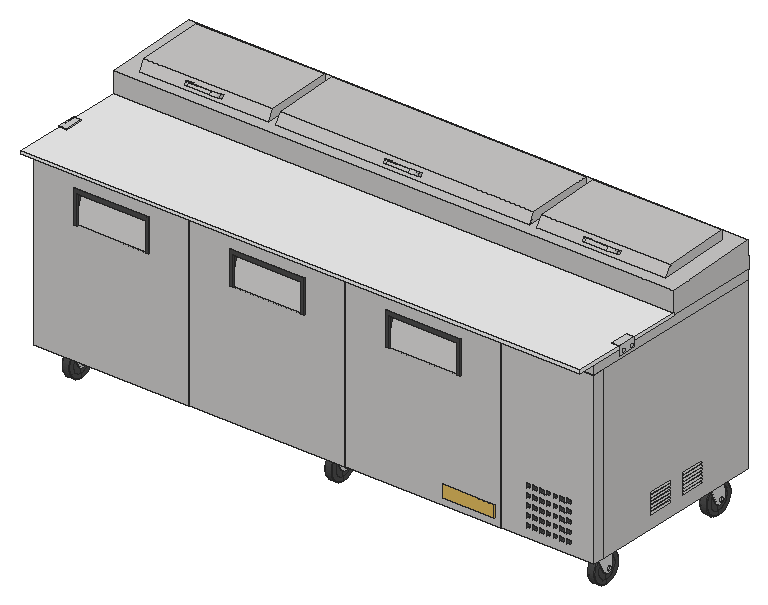
Revit family
Parameters
  Weight = "570 lbs."
  Watts = FL Amps * Volts  # 1115.5 W
  Volts = 115 V
  URL Manufacturer = "www.truemfg.com"
  URL Cutsheet = "www.truemfg.com"
  URL = "www.truemfg.com"
  Type Mark [instance] = ""
  Status [instance] = ""
  Specification by User [instance] = ""
  Specification by Manufacturer = ""
  Show Seismic Flanged [instance] = no
  Show Logo [instance] = yes
  Show Legs [instance] = no
  Show Clearance [instance] = yes
  Show Casters [instance] = and(not(Show Legs), not(Show Seismic Flanged))  # yes
  Serial Number = ""
  Seismic Rating = ""
  Seismic Plate [instance] = and(Show Seismic Flanged, not(Show Casters))  # no
  SMACNA No = ""
  Revision Code [instance] = ""
  Phase = 1
  Omniclass Number and Title = ""
  Number of Poles [instance] = 1
  NAFEM Spec ID Number = ""
  Model = "TPP-93"
  Min Ckt Ampacity = 0 A
  Max Overcurrent Protection = 0 A
  MasterSpec. = ""
  Manufacturer = "TRUE FOOD SERVICE EQUIPMENT, INC."
  Legs [instance] = or(Show Legs, Show Seismic Flanged)  # no
  Item Number [instance] = ""
  Installed By [instance] = ""
  Identify Quantity as Lot [instance] = yes
  HP = "1/2"
  Furnished By [instance] = ""
  Foodservice Equipment Identifier [instance] = yes
  FL Amps = 9.7 A
  Electrical Remarks [instance] = "230-240/50/1"
  Electric Connection Type [instance] = ""
  Elec Conn RI Height [instance] = 0"
  Elec Conn Connection Height [instance] = 0"
  Description = "Food Prep Table Solid Door Pizza Prep Table"
  Cycle = 60 Hz
  Conn Plug NEMA = "NEMA 5-15P"
  Conn Conduit = yes
  CSI MasterFormat = ""
  CSI Master Format = ""
  Body Finish = QF_Finishes_Stainless Steel
  Base Height [instance] = if(Legs, 6", 6 3/16")  # 6 3/16"
  Apparent Power = if(Phase = 3, Volts * FL Amps * 1.73, Volts * FL Amps)  # 1115.5 VA
Reference planes (in)
  plane 1 "BACK": y = -16.5
  plane 2: z = 0
  plane 3 "LEFT": x = 0
  plane 4 "RIGHT": x = 93.25
  plane 5 "FRONT": y = -49.75
  plane 6 "TOP": z = 35.9375
  plane 7: z = 6.1875
Forms (in)
  Revolve 1, solid, material "QF_Finishes_Stainless Steel" <- "Body Finish", visible <- "Legs"
    sketch origin (0.84375, -20.82507, 0) x (1, 0, 0) y (0, 0, -1)
      loop
        line (2, -6.1875) -> (2, -0.1875) -> (1.5, -0.1875) -> (1.5, -1.1875) -> (1.25, -1.1875) -> (0.53856, -6.1875) -> (2, -6.1875)
      axis (2, -0.1875) -> (2, -6.1875)
    angle from 0 to 360
  Extrusion 2, solid, material "QF_Finishes_Stainless Steel" <- "Body Finish", visible <- "Seismic Plate"
    sketch origin (-0.22541, -19.13091, 0) x (1, 0, 0) y (0, 1, 0)
      loop
        circle (3.06916, -1.69416) r 1.5
    from 0 to 0.25
  Revolve 3, solid, material "QF_Finishes_Stainless Steel" <- "Body Finish", visible <- "Legs"
    sketch origin (0.84375, -44.21923, 0) x (1, 0, 0) y (0, 0, -1)
      loop
        line (2, -6.1875) -> (2, -0.1875) -> (1.5, -0.1875) -> (1.5, -1.1875) -> (1.25, -1.1875) -> (0.53856, -6.1875) -> (2, -6.1875)
      axis (2, -0.1875) -> (2, -6.1875)
    angle from 0 to 360
  Extrusion 4, solid, material "QF_Finishes_Stainless Steel" <- "Body Finish", visible <- "Seismic Plate"
    sketch origin (-0.22541, -44.36883, 0) x (1, 0, 0) y (0, 1, 0)
      loop
        circle (3.06916, 0.11835) r 1.5
    from 0 to 0.25
  Revolve 5, solid, material "QF_Finishes_Stainless Steel" <- "Body Finish", visible <- "Legs"
    sketch origin (88.40625, -20.82507, 0) x (1, 0, 0) y (0, 0, -1)
      loop
        line (2, -6.1875) -> (2, -0.1875) -> (1.5, -0.1875) -> (1.5, -1.1875) -> (1.25, -1.1875) -> (0.53856, -6.1875) -> (2, -6.1875)
      axis (2, -0.1875) -> (2, -6.1875)
    angle from 0 to 360
  Extrusion 6, solid, material "QF_Finishes_Stainless Steel" <- "Body Finish", visible <- "Seismic Plate"
    sketch origin (87.33709, -19.13091, 0) x (1, 0, 0) y (0, 1, 0)
      loop
        circle (3.06916, -1.69416) r 1.5
    from 0 to 0.25
  Revolve 7, solid, material "QF_Finishes_Stainless Steel" <- "Body Finish", visible <- "Legs"
    sketch origin (88.40625, -44.21923, 0) x (1, 0, 0) y (0, 0, -1)
      loop
        line (2, -6.1875) -> (2, -0.1875) -> (1.5, -0.1875) -> (1.5, -1.1875) -> (1.25, -1.1875) -> (0.53856, -6.1875) -> (2, -6.1875)
      axis (2, -0.1875) -> (2, -6.1875)
    angle from 0 to 360
  Extrusion 8, solid, material "QF_Finishes_Stainless Steel" <- "Body Finish", visible <- "Seismic Plate"
    sketch origin (87.33709, -44.36883, 0) x (1, 0, 0) y (0, 1, 0)
      loop
        circle (3.06916, 0.11835) r 1.5
    from 0 to 0.25
  Revolve 9, solid, material "QF_Finishes_Stainless Steel" <- "Body Finish", visible <- "Legs"
    sketch origin (44.625, -20.82507, 0) x (1, 0, 0) y (0, 0, -1)
      loop
        line (2, -6.1875) -> (2, -0.1875) -> (1.5, -0.1875) -> (1.5, -1.1875) -> (1.25, -1.1875) -> (0.53856, -6.1875) -> (2, -6.1875)
      axis (2, -0.1875) -> (2, -6.1875)
    angle from 0 to 360
  Extrusion 10, solid, material "QF_Finishes_Stainless Steel" <- "Body Finish", visible <- "Seismic Plate"
    sketch origin (43.55584, -19.13091, 0) x (1, 0, 0) y (0, 1, 0)
      loop
        circle (3.06916, -1.69416) r 1.5
    from 0 to 0.25
  Revolve 11, solid, material "QF_Finishes_Stainless Steel" <- "Body Finish", visible <- "Legs"
    sketch origin (44.625, -44.21923, 0) x (1, 0, 0) y (0, 0, -1)
      loop
        line (2, -6.1875) -> (2, -0.1875) -> (1.5, -0.1875) -> (1.5, -1.1875) -> (1.25, -1.1875) -> (0.53856, -6.1875) -> (2, -6.1875)
      axis (2, -0.1875) -> (2, -6.1875)
    angle from 0 to 360
  Extrusion 12, solid, material "QF_Finishes_Stainless Steel" <- "Body Finish", visible <- "Seismic Plate"
    sketch origin (43.55584, -44.36883, 0) x (1, 0, 0) y (0, 1, 0)
      loop
        circle (3.06916, 0.11835) r 1.5
    from 0 to 0.25
Lines and regions (in)
  symbolic lines, style "SpecialityEquipmentHiddenLines", visible <- "Show Casters"
    curve 1: line (1.05276, -22.68104, 0) -> (2.13882, -23.30808, 0)
    curve 2: line (3.55276, -18.35092, 0) -> (1.05276, -22.68104, 0)
    curve 3: line (4.63882, -18.97795, 0) -> (3.55276, -18.35092, 0)
    curve 4: line (2.13882, -23.30808, 0) -> (4.63882, -18.97795, 0)
    curve 5: line (44.83401, -22.68104, 0) -> (45.92007, -23.30808, 0)
    curve 6: line (47.33401, -18.35092, 0) -> (44.83401, -22.68104, 0)
    curve 7: line (48.42007, -18.97795, 0) -> (47.33401, -18.35092, 0)
    curve 8: line (45.92007, -23.30808, 0) -> (48.42007, -18.97795, 0)
    curve 9: line (88.61526, -22.68104, 0) -> (89.70132, -23.30808, 0)
    curve 10: line (91.11526, -18.35092, 0) -> (88.61526, -22.68104, 0)
    curve 11: line (92.20132, -18.97795, 0) -> (91.11526, -18.35092, 0)
    curve 12: line (89.70132, -23.30808, 0) -> (92.20132, -18.97795, 0)
    curve 13: line (1.05276, -46.13771, 0) -> (2.13882, -46.76475, 0)
    curve 14: line (3.55276, -41.80758, 0) -> (1.05276, -46.13771, 0)
    curve 15: line (4.63882, -42.43462, 0) -> (3.55276, -41.80758, 0)
    curve 16: line (2.13882, -46.76475, 0) -> (4.63882, -42.43462, 0)
    curve 17: line (44.83401, -46.13771, 0) -> (45.92007, -46.76475, 0)
    curve 18: line (47.33401, -41.80758, 0) -> (44.83401, -46.13771, 0)
    curve 19: line (48.42007, -42.43462, 0) -> (47.33401, -41.80758, 0)
    curve 20: line (45.92007, -46.76475, 0) -> (48.42007, -42.43462, 0)
    curve 21: line (88.61526, -46.13771, 0) -> (89.70132, -46.76475, 0)
    curve 22: line (91.11526, -41.80758, 0) -> (88.61526, -46.13771, 0)
    curve 23: line (92.20132, -42.43462, 0) -> (91.11526, -41.80758, 0)
    curve 24: line (89.70132, -46.76475, 0) -> (92.20132, -42.43462, 0)
Dimensions and locks (in)
  plane 5 "FRONT" to plane 1 "BACK" = 33 1/4"
  "Base Height": plane 7 to level
  Revolve 3 sketch curve to Revolve 3 sketch curve to Revolve 3 sketch curve = 5" locked, 1" locked
  Revolve 1 sketch curve to Revolve 1 sketch curve to Revolve 1 sketch curve = 5" locked, 1" locked
  Revolve 7 sketch curve to Revolve 7 sketch curve to Revolve 7 sketch curve = 5" locked, 1" locked
  Revolve 5 sketch curve to Revolve 5 sketch curve to Revolve 5 sketch curve = 5" locked, 1" locked
  Revolve 11 sketch curve to Revolve 11 sketch curve to Revolve 11 sketch curve = 5" locked, 1" locked
  Revolve 9 sketch curve to Revolve 9 sketch curve to Revolve 9 sketch curve = 5" locked, 1" locked
  plane 4 "RIGHT" to plane 3 "LEFT" = 93 1/4"
  nested 1 to plane 1 "BACK" = 36 5/32"  (x2)
  plane 5 "FRONT" to nested 1 to nested 1 = 32 1/4", 1"
  plane 6 "TOP" to level = 35 15/16"
  nested 1 to level = 41 7/8"
  plane 7 to nested 1 = 2 5/8"
  aligned and locked: level to plane 2
  aligned and locked: Revolve 3 sketch curve to plane 7
  aligned and locked: Revolve 1 sketch curve to plane 7
  aligned and locked: plane 1 "BACK" to nested 1
  aligned and locked: plane 3 "LEFT" to nested 1
  aligned and locked: plane 4 "RIGHT" to nested 1
  aligned and locked: nested 1 to plane 7
Automatic sketch dimensions
  plane 3 "LEFT" to Revolve 1 sketch curve = 1.38231"
  plane 3 "LEFT" to Revolve 1 sketch curve = 2 3/32"
  Revolve 1 sketch curve to Revolve 1 sketch curve = 1/4"
  Revolve 1 sketch curve to Revolve 1 sketch curve = 1/2"
  Revolve 1 sketch curve to Revolve 1 sketch curve = 0"
  Revolve 1 sketch curve to Revolve 1 sketch curve = 23/32"
  Revolve 1 sketch curve to plane 7 = 1 1/2"
  plane 3 "LEFT" to Extrusion 2 sketch curve = 2 27/32"
  plane 1 "BACK" to Extrusion 2 sketch curve = 4.32507"
  plane 3 "LEFT" to Revolve 3 sketch curve = 1.38231"
  plane 3 "LEFT" to Revolve 3 sketch curve = 2 3/32"
  Revolve 3 sketch curve to Revolve 3 sketch curve = 1/4"
  Revolve 3 sketch curve to Revolve 3 sketch curve = 1/2"
  Revolve 3 sketch curve to Revolve 3 sketch curve = 0"
  Revolve 3 sketch curve to Revolve 3 sketch curve = 23/32"
  Revolve 3 sketch curve to plane 7 = 1 1/2"
  plane 3 "LEFT" to Extrusion 4 sketch curve = 2 27/32"
  Extrusion 4 sketch curve to plane 5 "FRONT" = 5.49952"
  Revolve 5 sketch curve to plane 7 = 0"
  Revolve 5 sketch curve to plane 4 "RIGHT" = 4.30519"
  Revolve 5 sketch curve to plane 4 "RIGHT" = 3 19/32"
  Revolve 5 sketch curve to Revolve 5 sketch curve = 1/4"
  Revolve 5 sketch curve to Revolve 5 sketch curve = 1/2"
  Revolve 5 sketch curve to Revolve 5 sketch curve = 0"
  Revolve 5 sketch curve to Revolve 5 sketch curve = 23/32"
  Revolve 5 sketch curve to plane 7 = 1 1/2"
  Extrusion 6 sketch curve to plane 4 "RIGHT" = 2 27/32"
  plane 1 "BACK" to Extrusion 6 sketch curve = 4.32507"
  Revolve 7 sketch curve to plane 7 = 0"
  Revolve 7 sketch curve to plane 4 "RIGHT" = 4.30519"
  Revolve 7 sketch curve to plane 4 "RIGHT" = 3 19/32"
  Revolve 7 sketch curve to Revolve 7 sketch curve = 1/4"
  Revolve 7 sketch curve to Revolve 7 sketch curve = 1/2"
  Revolve 7 sketch curve to Revolve 7 sketch curve = 0"
  Revolve 7 sketch curve to Revolve 7 sketch curve = 23/32"
  Revolve 7 sketch curve to plane 7 = 1 1/2"
  Extrusion 8 sketch curve to plane 4 "RIGHT" = 2 27/32"
  Extrusion 8 sketch curve to plane 5 "FRONT" = 5.49952"
  Revolve 9 sketch curve to plane 7 = 0"
  plane 3 "LEFT" to Revolve 9 sketch curve = 45.16356"
  Revolve 9 sketch curve to Revolve 9 sketch curve = 0.71144"
  Revolve 9 sketch curve to Revolve 9 sketch curve = 1/4"
  Revolve 9 sketch curve to Revolve 9 sketch curve = 1/2"
  Revolve 9 sketch curve to Revolve 9 sketch curve = 0"
  Revolve 9 sketch curve to Revolve 9 sketch curve = 23/32"
  Revolve 9 sketch curve to plane 7 = 1 1/2"
  plane 1 "BACK" to Extrusion 10 sketch curve = 4.32507"
  plane 3 "LEFT" to Extrusion 10 sketch curve = 46 5/8"
  Revolve 11 sketch curve to plane 7 = 0"
  plane 3 "LEFT" to Revolve 11 sketch curve = 45.16356"
  Revolve 11 sketch curve to Revolve 11 sketch curve = 0.71144"
  Revolve 11 sketch curve to Revolve 11 sketch curve = 1/4"
  Revolve 11 sketch curve to Revolve 11 sketch curve = 1/2"
  Revolve 11 sketch curve to Revolve 11 sketch curve = 0"
  Revolve 11 sketch curve to Revolve 11 sketch curve = 23/32"
  Revolve 11 sketch curve to plane 7 = 1 1/2"
  Extrusion 12 sketch curve to plane 5 "FRONT" = 5.49952"
  plane 3 "LEFT" to Extrusion 12 sketch curve = 46 5/8"
  plane 3 "LEFT" to curve 1 = 1.05276"
  plane 3 "LEFT" to curve 14 = 1.05276"
  curve 1 to curve 4 = 1.08606"
  curve 13 to curve 13 = 1.08606"
  plane 3 "LEFT" to curve 14 = 3.55276"
  plane 3 "LEFT" to curve 2 = 3.55276"
  plane 1 "BACK" to curve 5 = 6.18104"
  curve 17 to plane 5 "FRONT" = 3.61229"
  curve 17 to plane 5 "FRONT" = 2.98525"
  curve 17 to curve 17 = 1.08606"
  plane 1 "BACK" to curve 8 = 6.80808"
  curve 5 to curve 8 = 1.08606"
  curve 18 to plane 5 "FRONT" = 7.94242"
  plane 1 "BACK" to curve 7 = 1.85092"
  curve 9 to plane 4 "RIGHT" = 4.63474"
  curve 22 to plane 4 "RIGHT" = 4.63474"
  curve 21 to curve 21 = 1.08606"
  curve 9 to curve 9 = 1.08606"
  curve 23 to plane 4 "RIGHT" = 2.13474"
  curve 10 to plane 4 "RIGHT" = 2.13474"
  curve 13 to plane 5 "FRONT" = 2.98525"
  curve 24 to plane 5 "FRONT" = 2.98525"
  curve 21 to curve 21 = 0.62704"
  curve 13 to curve 13 = 0.62704"
  plane 1 "BACK" to curve 4 = 6.80808"
  plane 1 "BACK" to curve 12 = 6.80808"
  curve 9 to curve 9 = 0.62704"
  curve 1 to curve 2 = 0.62704"
  curve 15 to curve 17 = 40.19519"
  curve 5 to curve 18 = 2 1/2"
  radius of Extrusion 2 sketch curve = 1 1/2"
  radius of Extrusion 4 sketch curve = 1 1/2"
  radius of Extrusion 6 sketch curve = 1 1/2"
  radius of Extrusion 8 sketch curve = 1 1/2"
  radius of Extrusion 10 sketch curve = 1 1/2"
  radius of Extrusion 12 sketch curve = 1 1/2"
Nested families (in)
  nested 1: "True_TPP-93" at (0, 0, 0), Show Logo <- "Show Logo", Show Clearance <- "Show Clearance", Show Casters <- "Show Casters", type "True_TPP-93"
    with Show Logo yes, Show Clearance yes, Show Casters yes
Connectors (in)
  electrical at (89.81571, -17.5625, 12), driven by "Volts", driven by "Watts"
    settings: on nested 1, index 1, voltage 115 V, apparent load 1115.5 VA, apparent load phase1 0 VA, apparent load phase2 0 VA, apparent load phase3 0 VA, power factor 1, load classification "Other", number of poles 1, system type 30, power factor state 1, is connector primary yes, connector utility no, sub classification motor no, connector description "Electrical Connection"
Definition of nested family "True_TPP-93"
  Parameters (values of type "True_TPP-93")
    URL = ""
    Show Logo [instance] = yes
    Show Clearance [instance] = yes
    Show Casters [instance] = yes
    Model = ""
    Manufacturer = ""
    Description = ""
    Assembly Code = ""
  Reference planes (in)
    plane 1 "BACK": y = -16.5
    plane 2: z = 0
    plane 3 "LEFT": x = 0
    plane 4 "RIGHT": x = 93.25
    plane 5 "FRONT": y = -49.75
    plane 6 "TOP": z = 35.9375
  Forms (in)
    Extrusion 1, solid, material "QF_Finishes_Stainless Steel"
      sketch origin (0, -1, 0) x (0, 1, 0) y (0, 0, 1)
        loop
          line (-48.75, 35.9375) -> (-48.75, 34.5) -> (-16.5, 34.5) -> (-16.5, 35.9375) -> (-48.75, 35.9375)
      from 0 to 93.25
    Extrusion 2, solid, material "QF_Finishes_Stainless Steel"
      sketch origin (0, -1, 0) x (0, 1, 0) y (0, 0, 1)
        loop
          line (-46.8125, 34.5) -> (-46.8125, 6.1875) -> (-16.5, 6.1875) -> (-16.5, 34.5) -> (-46.8125, 34.5)
      from 0 to 93.25
    Extrusion 3, solid, material "QF_Finishes_Black"
      sketch origin (0, -16.6925, 0) x (1, 0, 0) y (0, 0, 1)
        loop
          line (25.75, 6.1875) -> (25.75, 34.28323) -> (0, 34.28323) -> (0, 6.1875) -> (25.75, 6.1875)
        loop
          line (6.75, 26.5625) -> (19.125, 26.5625) -> (19.125, 32.0625) -> (6.75, 32.0625) -> (6.75, 26.5625)
        loop
          line (93.25, 6.1875) -> (93.25, 34.28323) -> (77.9375, 34.28323) -> (77.9375, 6.1875) -> (93.25, 6.1875)
        loop
          line (85.44909, 13.72725) -> (86.19909, 13.72725) -> (86.19909, 14.47725) -> (85.44909, 14.47725) -> (85.44909, 13.72725)
        loop
          line (85.44909, 12.22725) -> (86.19909, 12.22725) -> (86.19909, 12.97725) -> (85.44909, 12.97725) -> (85.44909, 12.22725)
        loop
          line (85.44909, 10.72725) -> (86.19909, 10.72725) -> (86.19909, 11.47725) -> (85.44909, 11.47725) -> (85.44909, 10.72725)
        loop
          line (85.44909, 9.22725) -> (86.19909, 9.22725) -> (86.19909, 9.97725) -> (85.44909, 9.97725) -> (85.44909, 9.22725)
        loop
          line (85.44909, 7.72725) -> (86.19909, 7.72725) -> (86.19909, 8.47725) -> (85.44909, 8.47725) -> (85.44909, 7.72725)
        loop
          line (86.57409, 13.72725) -> (87.32409, 13.72725) -> (87.32409, 14.47725) -> (86.57409, 14.47725) -> (86.57409, 13.72725)
        loop
          line (86.57409, 12.22725) -> (87.32409, 12.22725) -> (87.32409, 12.97725) -> (86.57409, 12.97725) -> (86.57409, 12.22725)
        loop
          line (86.57409, 10.72725) -> (87.32409, 10.72725) -> (87.32409, 11.47725) -> (86.57409, 11.47725) -> (86.57409, 10.72725)
        loop
          line (86.57409, 9.22725) -> (87.32409, 9.22725) -> (87.32409, 9.97725) -> (86.57409, 9.97725) -> (86.57409, 9.22725)
        loop
          line (86.57409, 7.72725) -> (87.32409, 7.72725) -> (87.32409, 8.47725) -> (86.57409, 8.47725) -> (86.57409, 7.72725)
        loop
          line (87.69909, 13.72725) -> (88.44909, 13.72725) -> (88.44909, 14.47725) -> (87.69909, 14.47725) -> (87.69909, 13.72725)
        loop
          line (87.69909, 12.22725) -> (88.44909, 12.22725) -> (88.44909, 12.97725) -> (87.69909, 12.97725) -> (87.69909, 12.22725)
        loop
          line (87.69909, 10.72725) -> (88.44909, 10.72725) -> (88.44909, 11.47725) -> (87.69909, 11.47725) -> (87.69909, 10.72725)
        loop
          line (87.69909, 9.22725) -> (88.44909, 9.22725) -> (88.44909, 9.97725) -> (87.69909, 9.97725) -> (87.69909, 9.22725)
        loop
          line (87.69909, 7.72725) -> (88.44909, 7.72725) -> (88.44909, 8.47725) -> (87.69909, 8.47725) -> (87.69909, 7.72725)
        loop
          line (88.82409, 13.72725) -> (89.57409, 13.72725) -> (89.57409, 14.47725) -> (88.82409, 14.47725) -> (88.82409, 13.72725)
        loop
          line (88.82409, 12.22725) -> (89.57409, 12.22725) -> (89.57409, 12.97725) -> (88.82409, 12.97725) -> (88.82409, 12.22725)
        loop
          line (88.82409, 10.72725) -> (89.57409, 10.72725) -> (89.57409, 11.47725) -> (88.82409, 11.47725) -> (88.82409, 10.72725)
        loop
          line (88.82409, 9.22725) -> (89.57409, 9.22725) -> (89.57409, 9.97725) -> (88.82409, 9.97725) -> (88.82409, 9.22725)
        loop
          line (88.82409, 7.72725) -> (89.57409, 7.72725) -> (89.57409, 8.47725) -> (88.82409, 8.47725) -> (88.82409, 7.72725)
        loop
          line (82.07409, 13.72725) -> (82.82409, 13.72725) -> (82.82409, 14.47725) -> (82.07409, 14.47725) -> (82.07409, 13.72725)
        loop
          line (82.07409, 12.22725) -> (82.82409, 12.22725) -> (82.82409, 12.97725) -> (82.07409, 12.97725) -> (82.07409, 12.22725)
        loop
          line (82.07409, 10.72725) -> (82.82409, 10.72725) -> (82.82409, 11.47725) -> (82.07409, 11.47725) -> (82.07409, 10.72725)
        loop
          line (82.07409, 9.22725) -> (82.82409, 9.22725) -> (82.82409, 9.97725) -> (82.07409, 9.97725) -> (82.07409, 9.22725)
        loop
          line (82.07409, 8.47725) -> (82.07409, 7.72725) -> (82.82409, 7.72725) -> (82.82409, 8.47725) -> (82.07409, 8.47725)
        loop
          line (83.19909, 13.72725) -> (83.94909, 13.72725) -> (83.94909, 14.47725) -> (83.19909, 14.47725) -> (83.19909, 13.72725)
        loop
          line (83.19909, 12.22725) -> (83.94909, 12.22725) -> (83.94909, 12.97725) -> (83.19909, 12.97725) -> (83.19909, 12.22725)
        loop
          line (83.19909, 10.72725) -> (83.94909, 10.72725) -> (83.94909, 11.47725) -> (83.19909, 11.47725) -> (83.19909, 10.72725)
        loop
          line (83.19909, 9.22725) -> (83.94909, 9.22725) -> (83.94909, 9.97725) -> (83.19909, 9.97725) -> (83.19909, 9.22725)
        loop
          line (83.19909, 8.47725) -> (83.19909, 7.72725) -> (83.94909, 7.72725) -> (83.94909, 8.47725) -> (83.19909, 8.47725)
        loop
          line (84.32409, 13.72725) -> (85.07409, 13.72725) -> (85.07409, 14.47725) -> (84.32409, 14.47725) -> (84.32409, 13.72725)
        loop
          line (84.32409, 12.22725) -> (85.07409, 12.22725) -> (85.07409, 12.97725) -> (84.32409, 12.97725) -> (84.32409, 12.22725)
        loop
          line (84.32409, 10.72725) -> (85.07409, 10.72725) -> (85.07409, 11.47725) -> (84.32409, 11.47725) -> (84.32409, 10.72725)
        loop
          line (84.32409, 9.22725) -> (85.07409, 9.22725) -> (85.07409, 9.97725) -> (84.32409, 9.97725) -> (84.32409, 9.22725)
        loop
          line (84.32409, 8.47725) -> (84.32409, 7.72725) -> (85.07409, 7.72725) -> (85.07409, 8.47725) -> (84.32409, 8.47725)
        loop
          line (51.75, 6.1875) -> (51.75, 34.28323) -> (26, 34.28323) -> (26, 6.1875) -> (51.75, 6.1875)
        loop
          line (32.75, 26.5625) -> (45.125, 26.5625) -> (45.125, 32.0625) -> (32.75, 32.0625) -> (32.75, 26.5625)
        loop
          line (52, 34.28323) -> (52, 6.1875) -> (77.75, 6.1875) -> (77.75, 34.28323) -> (52, 34.28323)
        loop
          line (58.75, 26.5625) -> (71.125, 26.5625) -> (71.125, 32.0625) -> (58.75, 32.0625) -> (58.75, 26.5625)
      from 31.12 to 33.0575
    Extrusion 4, solid, material "QF_Finishes_Stainless Steel"
      sketch origin (0.5625, -0.1925, 0) x (0, 1, 0) y (0, 0, 1)
        loop
          line (-47.94201, 32.0625) -> (-49.5, 26.5625) -> (-47.94201, 26.5625) -> (-47.94201, 32.0625)
      from 6.1875 to 18.5625
    Extrusion 5, solid, material "QF_Finishes_Black"
      sketch origin (0.5625, -49.755, 0) x (1, 0, 0) y (0, 0, 1)
        loop
          line (18.5625, 32.0625) -> (6.1875, 32.0625) -> (6.1875, 26.5625) -> (6.6875, 26.5625) -> (6.6875, 31.3125) -> (18.0625, 31.3125) -> (18.0625, 26.5625) -> (18.5625, 26.5625) -> (18.5625, 32.0625)
      from 0 to 0.125
    Extrusion 6, solid, material "QF_Finishes_Stainless Steel"
      sketch origin (64.6875, -16.5, 0) x (1, 0, 0) y (0, 0, 1)
        loop
          line (7.5625, 6.1875) -> (7.5625, 3.5625) -> (20.3125, 3.5625) -> (20.3125, 6.1875) -> (7.5625, 6.1875)
      from 1.69409 to 21.69409
    Extrusion 7, solid, material "QF_Finishes_Stainless Steel"
      sketch origin (64.57454, -16.5, -9.83802) x (1, 0, 0) y (0, 0, 1)
        loop
          circle (22.96499, 40.7598) r 0.46875
      from 0 to 1
    Extrusion 8, solid, material "QF_Finishes_Stainless Steel"
      sketch origin (28.67546, -16.5, -9.83802) x (-1, 0, 0) y (0, 0, -1)
        loop
          circle (22.96499, -40.7598) r 0.46875
      from 0 to 1
    Extrusion 9, solid, material "QF_Finishes_Stainless Steel"
      sketch origin (64.52196, -17.5, 0) x (1, 0, 0) y (0, 0, 1)
        loop
          circle (25.29375, 12) r 0.25
      from 0 to 0.0625
    Extrusion 10, solid, material "QF_Finishes_Handrails and Railings", visible <- "Show Casters"
      sketch origin (0.84375, -42.86469, 1.18891) x (0, 1, 0) y (0, 0, 1)
        loop
          line (-3.9827, 4.36074) -> (-3.9827, 3.75589) -> (-3.6077, 3.75589) -> (-2.25253, 1.15484)
          arc (-2.25253, 1.15484) -> (-1.35455, 0.51289) -> (-0.45657, 1.15484) r 0.94903
          line (-0.45657, 1.15484) -> (-0.54355, 4.36074) -> (-3.9827, 4.36074)
      from 1.175 to 1.325
    Revolve 11, solid, material "QF_Finishes_Chrome - Satin", visible <- "Show Casters"
      sketch origin (0.84375, -45.12781, 0.68891) x (1, 0, 0) y (0, 0, 1)
        loop
          line (2, 4.86074) -> (2, 5.49859) -> (0.60918, 5.49859) -> (0.60918, 4.86074) -> (2, 4.86074)
        axis (2, 4.86074) -> (2, 5.49859)
      angle from 0 to 360
    Extrusion 12, solid, material "QF_Finishes_Handrails and Railings", visible <- "Show Casters"
      sketch origin (-46.9375, -42.86469, 1.18891) x (0, 1, 0) y (0, 0, 1)
        loop
          line (-3.9827, 4.36074) -> (-3.9827, 3.75589) -> (-3.6077, 3.75589) -> (-0.53736, 4.13288) -> (-0.54355, 4.36074) -> (-3.9827, 4.36074)
      from 49.10625 to 50.45625
    Revolve 13, solid, material "QF_Finishes_Black", visible <- "Show Casters"
      sketch origin (0.84375, -44.21649, 1) x (1, 0, 0) y (0, 0, 1)
        loop
          line (1.475, 4) -> (1.375, 3.9) -> (1.375, 3.29941) -> (1.53601, 3.29941) -> (1.53601, 2.04941) -> (1.375, 2.04941) -> (1.375, 1.79941) -> (0.975, 1.79941) -> (0.975, 1.5) -> (3.025, 1.5) -> (3.025, 1.79941) -> (2.62908, 1.79941) -> (2.62908, 2.04941) -> (2.46399, 2.04941) -> (2.46399, 3.29941) -> (2.62908, 3.29941) -> (2.62908, 3.89592) -> (2.525, 4) -> (1.475, 4)
        axis (3.025, 1.5) -> (0.975, 1.5)
      angle from 0 to 360
    Extrusion 14, solid, material "QF_Finishes_Handrails and Railings", visible <- "Show Casters"
      sketch origin (4.84375, -42.86469, 1.18891) x (0, 1, 0) y (0, 0, -1)
        loop
          line (-3.9827, -3.75589) -> (-3.9827, -4.36074) -> (-0.54355, -4.36074) -> (-0.45657, -1.15484)
          arc (-0.45657, -1.15484) -> (-1.35455, -0.51289) -> (-2.25253, -1.15484) r 0.94903
          line (-2.25253, -1.15484) -> (-3.6077, -3.75589) -> (-3.9827, -3.75589)
      from 1.175 to 1.325
    Extrusion 15, solid, material "QF_Finishes_Handrails and Railings", visible <- "Show Casters"
      sketch origin (0.84375, -19.47769, 1.18891) x (0, 1, 0) y (0, 0, 1)
        loop
          line (-3.9827, 4.36074) -> (-3.9827, 3.75589) -> (-3.6077, 3.75589) -> (-2.25253, 1.15484)
          arc (-2.25253, 1.15484) -> (-1.35455, 0.51289) -> (-0.45657, 1.15484) r 0.94903
          line (-0.45657, 1.15484) -> (-0.54355, 4.36074) -> (-3.9827, 4.36074)
      from 1.175 to 1.325
    Revolve 16, solid, material "QF_Finishes_Chrome - Satin", visible <- "Show Casters"
      sketch origin (0.84375, -21.74082, 0.68891) x (1, 0, 0) y (0, 0, 1)
        loop
          line (2, 4.86074) -> (2, 5.49859) -> (0.60918, 5.49859) -> (0.60918, 4.86074) -> (2, 4.86074)
        axis (2, 4.86074) -> (2, 5.49859)
      angle from 0 to 360
    Extrusion 17, solid, material "QF_Finishes_Handrails and Railings", visible <- "Show Casters"
      sketch origin (-46.9375, -19.47769, 1.18891) x (0, 1, 0) y (0, 0, 1)
        loop
          line (-3.9827, 4.36074) -> (-3.9827, 3.75589) -> (-3.6077, 3.75589) -> (-0.53736, 4.13288) -> (-0.54355, 4.36074) -> (-3.9827, 4.36074)
      from 49.10625 to 50.45625
    Revolve 18, solid, material "QF_Finishes_Black", visible <- "Show Casters"
      sketch origin (0.84375, -20.8295, 1) x (1, 0, 0) y (0, 0, 1)
        loop
          line (1.475, 4) -> (1.375, 3.9) -> (1.375, 3.29941) -> (1.53601, 3.29941) -> (1.53601, 2.04941) -> (1.375, 2.04941) -> (1.375, 1.79941) -> (0.975, 1.79941) -> (0.975, 1.5) -> (3.025, 1.5) -> (3.025, 1.79941) -> (2.62908, 1.79941) -> (2.62908, 2.04941) -> (2.46399, 2.04941) -> (2.46399, 3.29941) -> (2.62908, 3.29941) -> (2.62908, 3.89592) -> (2.525, 4) -> (1.475, 4)
        axis (3.025, 1.5) -> (0.975, 1.5)
      angle from 0 to 360
    Extrusion 19, solid, material "QF_Finishes_Handrails and Railings", visible <- "Show Casters"
      sketch origin (4.84375, -19.47769, 1.18891) x (0, 1, 0) y (0, 0, -1)
        loop
          line (-3.9827, -3.75589) -> (-3.9827, -4.36074) -> (-0.54355, -4.36074) -> (-0.45657, -1.15484)
          arc (-0.45657, -1.15484) -> (-1.35455, -0.51289) -> (-2.25253, -1.15484) r 0.94903
          line (-2.25253, -1.15484) -> (-3.6077, -3.75589) -> (-3.9827, -3.75589)
      from 1.175 to 1.325
    Extrusion 20, solid, material "QF_Finishes_Handrails and Railings", visible <- "Show Casters"
      sketch origin (92.40625, -42.86469, 1.18891) x (0, 1, 0) y (0, 0, -1)
        loop
          line (-3.9827, -4.36074) -> (-0.54355, -4.36074) -> (-0.45657, -1.15484)
          arc (-0.45657, -1.15484) -> (-1.35455, -0.51289) -> (-2.25253, -1.15484) r 0.94903
          line (-2.25253, -1.15484) -> (-3.6077, -3.75589) -> (-3.9827, -3.75589) -> (-3.9827, -4.36074)
      from 1.175 to 1.325
    Revolve 21, solid, material "QF_Finishes_Chrome - Satin", visible <- "Show Casters"
      sketch origin (92.40625, -45.12781, 0.68891) x (-1, 0, 0) y (0, 0, -1)
        loop
          line (2, -4.86074) -> (0.60918, -4.86074) -> (0.60918, -5.49859) -> (2, -5.49859) -> (2, -4.86074)
        axis (2, -4.86074) -> (2, -5.49859)
      angle from 0 to 360
    Extrusion 22, solid, material "QF_Finishes_Handrails and Railings", visible <- "Show Casters"
      sketch origin (140.1875, -42.86469, 1.18891) x (0, 1, 0) y (0, 0, -1)
        loop
          line (-3.9827, -4.36074) -> (-0.54355, -4.36074) -> (-0.53736, -4.13288) -> (-3.6077, -3.75589) -> (-3.9827, -3.75589) -> (-3.9827, -4.36074)
      from 49.10625 to 50.45625
    Revolve 23, solid, material "QF_Finishes_Black", visible <- "Show Casters"
      sketch origin (92.40625, -44.21649, 1) x (-1, 0, 0) y (0, 0, -1)
        loop
          line (1.475, -4) -> (2.525, -4) -> (2.62908, -3.89592) -> (2.62908, -3.29941) -> (2.46399, -3.29941) -> (2.46399, -2.04941) -> (2.62908, -2.04941) -> (2.62908, -1.79941) -> (3.025, -1.79941) -> (3.025, -1.5) -> (0.975, -1.5) -> (0.975, -1.79941) -> (1.375, -1.79941) -> (1.375, -2.04941) -> (1.53601, -2.04941) -> (1.53601, -3.29941) -> (1.375, -3.29941) -> (1.375, -3.9) -> (1.475, -4)
        axis (3.025, -1.5) -> (0.975, -1.5)
      angle from 0 to 360
    Extrusion 24, solid, material "QF_Finishes_Handrails and Railings", visible <- "Show Casters"
      sketch origin (88.40625, -42.86469, 1.18891) x (0, 1, 0) y (0, 0, 1)
        loop
          line (-3.9827, 3.75589) -> (-3.6077, 3.75589) -> (-2.25253, 1.15484)
          arc (-2.25253, 1.15484) -> (-1.35455, 0.51289) -> (-0.45657, 1.15484) r 0.94903
          line (-0.45657, 1.15484) -> (-0.54355, 4.36074) -> (-3.9827, 4.36074) -> (-3.9827, 3.75589)
      from 1.175 to 1.325
    Extrusion 25, solid, material "QF_Finishes_Handrails and Railings", visible <- "Show Casters"
      sketch origin (92.40625, -19.47769, 1.18891) x (0, 1, 0) y (0, 0, -1)
        loop
          line (-3.9827, -4.36074) -> (-0.54355, -4.36074) -> (-0.45657, -1.15484)
          arc (-0.45657, -1.15484) -> (-1.35455, -0.51289) -> (-2.25253, -1.15484) r 0.94903
          line (-2.25253, -1.15484) -> (-3.6077, -3.75589) -> (-3.9827, -3.75589) -> (-3.9827, -4.36074)
      from 1.175 to 1.325
    Revolve 26, solid, material "QF_Finishes_Chrome - Satin", visible <- "Show Casters"
      sketch origin (92.40625, -21.74082, 0.68891) x (-1, 0, 0) y (0, 0, -1)
        loop
          line (2, -4.86074) -> (0.60918, -4.86074) -> (0.60918, -5.49859) -> (2, -5.49859) -> (2, -4.86074)
        axis (2, -4.86074) -> (2, -5.49859)
      angle from 0 to 360
    Extrusion 27, solid, material "QF_Finishes_Handrails and Railings", visible <- "Show Casters"
      sketch origin (140.1875, -19.47769, 1.18891) x (0, 1, 0) y (0, 0, -1)
        loop
          line (-3.9827, -4.36074) -> (-0.54355, -4.36074) -> (-0.53736, -4.13288) -> (-3.6077, -3.75589) -> (-3.9827, -3.75589) -> (-3.9827, -4.36074)
      from 49.10625 to 50.45625
    Revolve 28, solid, material "QF_Finishes_Black", visible <- "Show Casters"
      sketch origin (92.40625, -20.8295, 1) x (-1, 0, 0) y (0, 0, -1)
        loop
          line (1.475, -4) -> (2.525, -4) -> (2.62908, -3.89592) -> (2.62908, -3.29941) -> (2.46399, -3.29941) -> (2.46399, -2.04941) -> (2.62908, -2.04941) -> (2.62908, -1.79941) -> (3.025, -1.79941) -> (3.025, -1.5) -> (0.975, -1.5) -> (0.975, -1.79941) -> (1.375, -1.79941) -> (1.375, -2.04941) -> (1.53601, -2.04941) -> (1.53601, -3.29941) -> (1.375, -3.29941) -> (1.375, -3.9) -> (1.475, -4)
        axis (3.025, -1.5) -> (0.975, -1.5)
      angle from 0 to 360
    Extrusion 29, solid, material "QF_Finishes_Handrails and Railings", visible <- "Show Casters"
      sketch origin (88.40625, -19.47769, 1.18891) x (0, 1, 0) y (0, 0, 1)
        loop
          line (-3.9827, 3.75589) -> (-3.6077, 3.75589) -> (-2.25253, 1.15484)
          arc (-2.25253, 1.15484) -> (-1.35455, 0.51289) -> (-0.45657, 1.15484) r 0.94903
          line (-0.45657, 1.15484) -> (-0.54355, 4.36074) -> (-3.9827, 4.36074) -> (-3.9827, 3.75589)
      from 1.175 to 1.325
    Extrusion 30, solid, material "QF_Finishes_Stainless Steel"
      sketch origin (48.75, -33.9375, 0) x (1, 0, 0) y (0, 0, 1)
        loop
          line (44.5, 8.47725) -> (44.625, 8.47725) -> (44.5, 8.86197) -> (44.5, 8.47725)
        loop
          line (44.5, 8.97725) -> (44.625, 8.97725) -> (44.5, 9.36197) -> (44.5, 8.97725)
        loop
          line (44.5, 9.47725) -> (44.625, 9.47725) -> (44.5, 9.86197) -> (44.5, 9.47725)
        loop
          line (44.5, 9.97725) -> (44.625, 9.97725) -> (44.5, 10.36197) -> (44.5, 9.97725)
        loop
          line (44.5, 10.47725) -> (44.625, 10.47725) -> (44.5, 10.86197) -> (44.5, 10.47725)
        loop
          line (44.5, 10.97725) -> (44.625, 10.97725) -> (44.5, 11.36197) -> (44.5, 10.97725)
        loop
          line (44.5, 11.47725) -> (44.625, 11.47725) -> (44.5, 11.86197) -> (44.5, 11.47725)
      from 0 to 4
    Extrusion 31, solid, material "QF_Finishes_Stainless Steel"
      sketch origin (26.5625, -0.1925, 0) x (0, 1, 0) y (0, 0, 1)
        loop
          line (-47.94201, 32.0625) -> (-49.5, 26.5625) -> (-47.94201, 26.5625) -> (-47.94201, 32.0625)
      from 6.1875 to 18.5625
    Extrusion 32, solid, material "QF_Finishes_Black"
      sketch origin (26.5625, -49.755, 0) x (1, 0, 0) y (0, 0, 1)
        loop
          line (18.5625, 32.0625) -> (6.1875, 32.0625) -> (6.1875, 26.5625) -> (6.6875, 26.5625) -> (6.6875, 31.3125) -> (18.0625, 31.3125) -> (18.0625, 26.5625) -> (18.5625, 26.5625) -> (18.5625, 32.0625)
      from 0 to 0.125
    Extrusion 33, solid, material "QF_Finishes_Stainless Steel"
      sketch origin (52.5625, -0.1925, 0) x (0, 1, 0) y (0, 0, 1)
        loop
          line (-47.94201, 32.0625) -> (-49.5, 26.5625) -> (-47.94201, 26.5625) -> (-47.94201, 32.0625)
      from 6.1875 to 18.5625
    Extrusion 34, solid, material "QF_Finishes_Black"
      sketch origin (52.5625, -49.755, 0) x (1, 0, 0) y (0, 0, 1)
        loop
          line (18.5625, 32.0625) -> (6.1875, 32.0625) -> (6.1875, 26.5625) -> (6.6875, 26.5625) -> (6.6875, 31.3125) -> (18.0625, 31.3125) -> (18.0625, 26.5625) -> (18.5625, 26.5625) -> (18.5625, 32.0625)
      from 0 to 0.125
    Extrusion 35, solid, material "QF_Finishes_Stainless Steel"
      sketch origin (48.75, -31.375, 0) x (1, 0, 0) y (0, 0, -1)
        loop
          line (44.5, -8.47725) -> (44.5, -8.86197) -> (44.625, -8.47725) -> (44.5, -8.47725)
        loop
          line (44.5, -8.97725) -> (44.5, -9.36197) -> (44.625, -8.97725) -> (44.5, -8.97725)
        loop
          line (44.5, -9.47725) -> (44.5, -9.86197) -> (44.625, -9.47725) -> (44.5, -9.47725)
        loop
          line (44.5, -9.97725) -> (44.5, -10.36197) -> (44.625, -9.97725) -> (44.5, -9.97725)
        loop
          line (44.5, -10.47725) -> (44.5, -10.86197) -> (44.625, -10.47725) -> (44.5, -10.47725)
        loop
          line (44.5, -10.97725) -> (44.5, -11.36197) -> (44.625, -10.97725) -> (44.5, -10.97725)
        loop
          line (44.5, -11.47725) -> (44.5, -11.86197) -> (44.625, -11.47725) -> (44.5, -11.47725)
      from 0 to 4
    Extrusion 36, solid, material "QF_Finishes_Handrails and Railings", visible <- "Show Casters"
      sketch origin (44.625, -42.86469, 1.18891) x (0, 1, 0) y (0, 0, 1)
        loop
          line (-3.9827, 4.36074) -> (-3.9827, 3.75589) -> (-3.6077, 3.75589) -> (-2.25253, 1.15484)
          arc (-2.25253, 1.15484) -> (-1.35455, 0.51289) -> (-0.45657, 1.15484) r 0.94903
          line (-0.45657, 1.15484) -> (-0.54355, 4.36074) -> (-3.9827, 4.36074)
      from 1.175 to 1.325
    Revolve 37, solid, material "QF_Finishes_Chrome - Satin", visible <- "Show Casters"
      sketch origin (44.625, -45.12781, 0.68891) x (1, 0, 0) y (0, 0, 1)
        loop
          line (2, 4.86074) -> (2, 5.49859) -> (0.60918, 5.49859) -> (0.60918, 4.86074) -> (2, 4.86074)
        axis (2, 4.86074) -> (2, 5.49859)
      angle from 0 to 360
    Extrusion 38, solid, material "QF_Finishes_Handrails and Railings", visible <- "Show Casters"
      sketch origin (-3.15625, -42.86469, 1.18891) x (0, 1, 0) y (0, 0, 1)
        loop
          line (-3.9827, 4.36074) -> (-3.9827, 3.75589) -> (-3.6077, 3.75589) -> (-0.53736, 4.13288) -> (-0.54355, 4.36074) -> (-3.9827, 4.36074)
      from 49.10625 to 50.45625
    Revolve 39, solid, material "QF_Finishes_Black", visible <- "Show Casters"
      sketch origin (44.625, -44.21649, 1) x (1, 0, 0) y (0, 0, 1)
        loop
          line (1.475, 4) -> (1.375, 3.9) -> (1.375, 3.29941) -> (1.53601, 3.29941) -> (1.53601, 2.04941) -> (1.375, 2.04941) -> (1.375, 1.79941) -> (0.975, 1.79941) -> (0.975, 1.5) -> (3.025, 1.5) -> (3.025, 1.79941) -> (2.62908, 1.79941) -> (2.62908, 2.04941) -> (2.46399, 2.04941) -> (2.46399, 3.29941) -> (2.62908, 3.29941) -> (2.62908, 3.89592) -> (2.525, 4) -> (1.475, 4)
        axis (3.025, 1.5) -> (0.975, 1.5)
      angle from 0 to 360
    Extrusion 40, solid, material "QF_Finishes_Handrails and Railings", visible <- "Show Casters"
      sketch origin (48.625, -42.86469, 1.18891) x (0, 1, 0) y (0, 0, -1)
        loop
          line (-3.9827, -3.75589) -> (-3.9827, -4.36074) -> (-0.54355, -4.36074) -> (-0.45657, -1.15484)
          arc (-0.45657, -1.15484) -> (-1.35455, -0.51289) -> (-2.25253, -1.15484) r 0.94903
          line (-2.25253, -1.15484) -> (-3.6077, -3.75589) -> (-3.9827, -3.75589)
      from 1.175 to 1.325
    Extrusion 41, solid, material "QF_Finishes_Handrails and Railings", visible <- "Show Casters"
      sketch origin (44.625, -19.47769, 1.18891) x (0, 1, 0) y (0, 0, 1)
        loop
          line (-3.9827, 4.36074) -> (-3.9827, 3.75589) -> (-3.6077, 3.75589) -> (-2.25253, 1.15484)
          arc (-2.25253, 1.15484) -> (-1.35455, 0.51289) -> (-0.45657, 1.15484) r 0.94903
          line (-0.45657, 1.15484) -> (-0.54355, 4.36074) -> (-3.9827, 4.36074)
      from 1.175 to 1.325
    Revolve 42, solid, material "QF_Finishes_Chrome - Satin", visible <- "Show Casters"
      sketch origin (44.625, -21.74082, 0.68891) x (1, 0, 0) y (0, 0, 1)
        loop
          line (2, 4.86074) -> (2, 5.49859) -> (0.60918, 5.49859) -> (0.60918, 4.86074) -> (2, 4.86074)
        axis (2, 4.86074) -> (2, 5.49859)
      angle from 0 to 360
    Extrusion 43, solid, material "QF_Finishes_Handrails and Railings", visible <- "Show Casters"
      sketch origin (-3.15625, -19.47769, 1.18891) x (0, 1, 0) y (0, 0, 1)
        loop
          line (-3.9827, 4.36074) -> (-3.9827, 3.75589) -> (-3.6077, 3.75589) -> (-0.53736, 4.13288) -> (-0.54355, 4.36074) -> (-3.9827, 4.36074)
      from 49.10625 to 50.45625
    Revolve 44, solid, material "QF_Finishes_Black", visible <- "Show Casters"
      sketch origin (44.625, -20.8295, 1) x (1, 0, 0) y (0, 0, 1)
        loop
          line (1.475, 4) -> (1.375, 3.9) -> (1.375, 3.29941) -> (1.53601, 3.29941) -> (1.53601, 2.04941) -> (1.375, 2.04941) -> (1.375, 1.79941) -> (0.975, 1.79941) -> (0.975, 1.5) -> (3.025, 1.5) -> (3.025, 1.79941) -> (2.62908, 1.79941) -> (2.62908, 2.04941) -> (2.46399, 2.04941) -> (2.46399, 3.29941) -> (2.62908, 3.29941) -> (2.62908, 3.89592) -> (2.525, 4) -> (1.475, 4)
        axis (3.025, 1.5) -> (0.975, 1.5)
      angle from 0 to 360
    Extrusion 45, solid, material "QF_Finishes_Handrails and Railings", visible <- "Show Casters"
      sketch origin (48.625, -19.47769, 1.18891) x (0, 1, 0) y (0, 0, -1)
        loop
          line (-3.9827, -3.75589) -> (-3.9827, -4.36074) -> (-0.54355, -4.36074) -> (-0.45657, -1.15484)
          arc (-0.45657, -1.15484) -> (-1.35455, -0.51289) -> (-2.25253, -1.15484) r 0.94903
          line (-2.25253, -1.15484) -> (-3.6077, -3.75589) -> (-3.9827, -3.75589)
      from 1.175 to 1.325
    Extrusion 46, solid, material "QF_Finishes_Stainless Steel"
      sketch origin (93.25, 0, 0) x (0, 1, 0) y (0, 0, 1)
        loop
          line (-17.5, 35.9375) -> (-17.5, 40.5) -> (-33.125, 39.75595) -> (-33.125, 35.9375) -> (-17.5, 35.9375)
      from -93.25 to 0
    Extrusion 47, solid, material "QF_Finishes_Stainless Steel"
      sketch origin (93.25, 0, 0) x (0, 1, 0) y (0, 0, 1)
        loop
          line (-30.31127, 41.36352) -> (-31.25, 39.84524) -> (-19.5, 40.40476) -> (-19.57001, 41.875) -> (-30.31127, 41.36352)
      from -90.5 to -69
    Extrusion 48, solid, material "QF_Finishes_Stainless Steel"
      sketch origin (116, 0, 0) x (0, 1, 0) y (0, 0, 1)
        loop
          line (-30.31127, 41.36352) -> (-31.25, 39.84524) -> (-19.50003, 40.40476) -> (-19.57004, 41.875) -> (-30.31127, 41.36352)
      from -90.5 to -48.25
    Extrusion 49, solid, material "QF_Finishes_Stainless Steel"
      sketch origin (159.5, 0, 0) x (0, 1, 0) y (0, 0, 1)
        loop
          line (-30.31127, 41.36352) -> (-31.25, 39.84524) -> (-19.50003, 40.40476) -> (-19.57004, 41.875) -> (-30.31127, 41.36352)
      from -90.5 to -69
    Extrusion 50, solid, material "QF_Finishes_White"
      sketch origin (93.25, 0, 0) x (0, 1, 0) y (0, 0, 1)
        loop
          line (-33.125, 35.9375) -> (-33.125, 36.4375) -> (-52.65625, 36.4375) -> (-52.65625, 35.9375) -> (-33.125, 35.9375)
      from -93.25 to 0
    Extrusion 51, solid, material "QF_Finishes_Handrails and Railings"
      sketch origin (0, -49.75, 0) x (1, 0, 0) y (0, 0, 1)
        loop
          line (93.375, 35.06531) -> (93.375, 36.5625) -> (92.11427, 36.5625) -> (92.11427, 36.4375) -> (93.25, 36.4375) -> (93.25, 35.06531) -> (93.375, 35.06531)
      from -8.3125 to -5.3125
    Extrusion 52, solid, material "QF_Finishes_Handrails and Railings"
      sketch origin (93.375, 0, 0.20312) x (0, 1, 0) y (0, 0, 1)
        loop
          circle (-43.78425, 35.38796) r 0.21875
        loop
          circle (-42.09075, 35.38796) r 0.21875
      from 0 to 0.125
    Extrusion 53, solid, material "QF_Finishes_Handrails and Railings"
      sketch origin (93.25, -49.75, 0) x (-1, 0, 0) y (0, 0, -1)
        loop
          line (93.375, -35.06531) -> (93.25, -35.06531) -> (93.25, -36.4375) -> (92.11427, -36.4375) -> (92.11427, -36.5625) -> (93.375, -36.5625) -> (93.375, -35.06531)
      from -8.3125 to -5.3125
    Extrusion 54, solid, material "QF_Finishes_Handrails and Railings"
      sketch origin (-0.125, 0, 0.20313) x (0, 1, 0) y (0, 0, -1)
        loop
          circle (-43.78425, -35.38796) r 0.21875
        loop
          circle (-42.09075, -35.38796) r 0.21875
      from 0 to 0.125
    Sweep 55, solid, material "QF_Finishes_Stainless Steel"
      path origin (-2.68162, -0.10992, 21.5692) x (1, 0, 0) y (0, -0.849414, 0.527727)
        loop
          line (18.42574, 36.0969) -> (18.42574, 36.8469)
          arc (18.42574, 36.8469) -> (18.29892, 37.15309) -> (17.99273, 37.27992) r 0.43301
          line (17.99273, 37.27992) -> (14.37051, 37.27992)
          arc (14.37051, 37.27992) -> (14.06433, 37.15309) -> (13.9375, 36.8469) r 0.43301
          line (13.9375, 36.8469) -> (13.9375, 36.0969)
      profile origin (11.25588, -31.08966, 40.81642) x (1, 0, 0) y (0, -0.527727, -0.849414)
        loop
          line (0, -0.25) -> (0, 0.25) -> (-0.5, 0.25) -> (-0.5, -0.25) -> (0, -0.25)
    Sweep 56, solid, material "QF_Finishes_Stainless Steel"
      path origin (30.44338, -0.10992, 21.5692) x (1, 0, 0) y (0, -0.849414, 0.527727)
        loop
          line (18.42574, 36.0969) -> (18.42574, 36.8469)
          arc (18.42574, 36.8469) -> (18.29892, 37.15309) -> (17.99273, 37.27992) r 0.43301
          line (17.99273, 37.27992) -> (14.37051, 37.27992)
          arc (14.37051, 37.27992) -> (14.06433, 37.15309) -> (13.9375, 36.8469) r 0.43301
          line (13.9375, 36.8469) -> (13.9375, 36.0969)
      profile origin (44.38088, -31.08966, 40.81642) x (1, 0, 0) y (0, -0.527727, -0.849414)
        loop
          line (0, -0.25) -> (0, 0.25) -> (-0.5, 0.25) -> (-0.5, -0.25) -> (0, -0.25)
    Sweep 57, solid, material "QF_Finishes_Stainless Steel"
      path origin (63.56838, -0.10992, 21.5692) x (1, 0, 0) y (0, -0.849414, 0.527727)
        loop
          line (18.42574, 36.0969) -> (18.42574, 36.8469)
          arc (18.42574, 36.8469) -> (18.29892, 37.15309) -> (17.99273, 37.27992) r 0.43301
          line (17.99273, 37.27992) -> (14.37051, 37.27992)
          arc (14.37051, 37.27992) -> (14.06433, 37.15309) -> (13.9375, 36.8469) r 0.43301
          line (13.9375, 36.8469) -> (13.9375, 36.0969)
      profile origin (77.50588, -31.08966, 40.81642) x (1, 0, 0) y (0, -0.527727, -0.849414)
        loop
          line (0, -0.25) -> (0, 0.25) -> (-0.5, 0.25) -> (-0.5, -0.25) -> (0, -0.25)
    Extrusion 58, solid, material "QF_Finishes_Door Clearance", visible <- "Show Clearance", detail levels coarse
      sketch origin (36.41305, -71.85139, 0) x (1, 0, 0) y (0, 1, 0)
        loop
          line (41.33695, -3.64861) -> (41.33695, 22.10139) -> (15.58695, 22.10139)
          arc (15.58695, 22.10139) -> (23.12895, 3.89339) -> (41.33695, -3.64861) r 25.75
        loop
          arc (-10.41305, -3.64861) -> (7.79495, 3.89339) -> (15.33695, 22.10139) r 25.75
          line (15.33695, 22.10139) -> (-10.41305, 22.10139) -> (-10.41305, -3.64861)
        loop
          arc (-36.41305, -3.64861) -> (-18.20505, 3.89339) -> (-10.66305, 22.10139) r 25.75
          line (-10.66305, 22.10139) -> (-36.41305, 22.10139) -> (-36.41305, -3.64861)
      from 6.1875 to 34.28323
    Extrusion 59, solid, material "QF_Finishes_Satin - Goldenrod", visible <- "Show Logo"
      sketch origin (2.73989, -15.005, -24.98394) x (1, 0, 0) y (0, 0, 1)
        loop
          line (73.97982, 34.29477) -> (65.37982, 34.29477) -> (65.37982, 32.2921) -> (73.97982, 32.2921) -> (73.97982, 34.29477)
      from 34.745 to 34.80335
  Lines and regions (in)
    Split face 1
      outline origin (2.74084, -49.80835, -24.98394) x (1, 0, 0) y (0, 0, 1)
        loop
          line (65.50482, 34.16977) -> (65.50482, 32.4171) -> (73.85482, 32.4171) -> (73.85482, 34.16977) -> (65.50482, 34.16977)
    Split face 2
      outline origin (2.74179, -49.80835, -24.98394) x (1, 0, 0) y (0, 0, 1)
        loop
          line (66.5628, 34.09478) -> (65.63749, 32.4921) -> (67.34695, 32.4921) -> (68.27226, 34.09478) -> (66.5628, 34.09478)
    Split face 3
      outline origin (2.74179, -49.80835, -24.98394) x (1, 0, 0) y (0, 0, 1)
        loop
          line (70.07237, 34.10549) -> (69.84669, 34.10549) -> (69.76796, 33.93666) -> (68.68561, 33.93666) -> (68.60688, 33.76782) -> (69.65417, 33.76782)
          arc (69.65417, 33.76782) -> (69.67543, 33.73023) -> (69.65417, 33.69265) r 0.04386
          line (69.65417, 33.69265) -> (69.38102, 33.10687)
          arc (69.38102, 33.10687) -> (69.37865, 33.05261) -> (69.41535, 33.01257) r 0.07096
          line (69.41535, 33.01257) -> (70.085, 33.01257)
          arc (70.085, 33.01257) -> (70.16956, 33.03923) -> (70.22354, 33.10957) r 0.14742
          line (70.22354, 33.10957) -> (70.4385, 33.57057) -> (70.636, 33.57057)
          arc (70.636, 33.57057) -> (70.68782, 33.55151) -> (70.68032, 33.49681) r 0.04405
          line (70.68032, 33.49681) -> (70.50045, 33.11108)
          arc (70.50045, 33.11108) -> (70.50325, 33.04702) -> (70.55733, 33.01257) r 0.06943
          line (70.55733, 33.01257) -> (71.14575, 33.01257)
          arc (71.14575, 33.01257) -> (71.19083, 33.02898) -> (71.21482, 33.07053) r 0.07014
          arc (71.21482, 33.07053) -> (71.2318, 33.02955) -> (71.27278, 33.01257) r 0.05796
          line (71.27278, 33.01257) -> (71.64535, 33.01257)
          arc (71.64535, 33.01257) -> (71.68839, 33.02411) -> (71.7199, 33.05561) r 0.08608
          arc (71.7199, 33.05561) -> (71.73499, 33.01919) -> (71.7714, 33.00411) r 0.0515
          line (71.7714, 33.00411) -> (72.30092, 33.00411)
          arc (72.30092, 33.00411) -> (72.34421, 33.02204) -> (72.36215, 33.06533) r 0.06122
          arc (72.36215, 33.06533) -> (72.40183, 33.02565) -> (72.45604, 33.01112) r 0.10842
          line (72.45604, 33.01112) -> (73.44796, 33.01112) -> (73.55814, 33.20197) -> (72.55765, 33.20197)
          arc (72.55765, 33.20197) -> (72.53004, 33.22111) -> (72.52901, 33.2547) r 0.03732
          line (72.52901, 33.2547) -> (72.54631, 33.29182)
          arc (72.54631, 33.29182) -> (72.57289, 33.32663) -> (72.61464, 33.33983) r 0.07263
          line (72.61464, 33.33983) -> (72.93624, 33.33983)
          arc (72.93624, 33.33983) -> (73.00565, 33.35843) -> (73.05646, 33.40924) r 0.13882
          line (73.05646, 33.40924) -> (73.1496, 33.57057)
          arc (73.1496, 33.57057) -> (73.1496, 33.65668) -> (73.07503, 33.69973) r 0.08611
          line (73.07503, 33.69973) -> (72.73562, 33.69973)
          arc (72.73562, 33.69973) -> (72.64909, 33.68503) -> (72.58873, 33.62132) r 0.13863
          line (72.58873, 33.62132) -> (72.42744, 33.27543)
          arc (72.42744, 33.27543) -> (72.37984, 33.21339) -> (72.30526, 33.18988) r 0.13002
          line (72.30526, 33.18988) -> (71.95319, 33.18988)
          arc (71.95319, 33.18988) -> (71.91105, 33.23587) -> (71.91377, 33.2982) r 0.08151
          line (71.91377, 33.2982) -> (72.10101, 33.69973) -> (71.98184, 33.69973) -> (71.78347, 33.27432)
          arc (71.78347, 33.27432) -> (71.74493, 33.22409) -> (71.68454, 33.20505) r 0.10527
          line (71.68454, 33.20505) -> (71.44177, 33.20505)
          arc (71.44177, 33.20505) -> (71.40075, 33.25851) -> (71.40954, 33.32533) r 0.08805
          line (71.40954, 33.32533) -> (71.58413, 33.69973) -> (71.46107, 33.69973) -> (71.26011, 33.26878)
          arc (71.26011, 33.26878) -> (71.21346, 33.22213) -> (71.14974, 33.20505) r 0.12745
          line (71.14974, 33.20505) -> (70.79819, 33.20505)
          arc (70.79819, 33.20505) -> (70.73505, 33.23449) -> (70.72898, 33.3039) r 0.06967
          line (70.72898, 33.3039) -> (70.84453, 33.5517) -> (71.00787, 33.5517)
          arc (71.00787, 33.5517) -> (71.03544, 33.63477) -> (71.0941, 33.69973) r 0.21289
          line (71.0941, 33.69973) -> (70.45579, 33.69973)
          arc (70.45579, 33.69973) -> (70.38486, 33.684) -> (70.33577, 33.63044) r 0.12081
          line (70.33577, 33.63044) -> (70.16275, 33.25939)
          arc (70.16275, 33.25939) -> (70.12297, 33.21961) -> (70.06863, 33.20505) r 0.10869
          line (70.06863, 33.20505) -> (69.68755, 33.20505)
          arc (69.68755, 33.20505) -> (69.65781, 33.24525) -> (69.66347, 33.29493) r 0.06822
          line (69.66347, 33.29493) -> (69.91491, 33.76782) -> (70.54931, 33.76782) -> (70.62804, 33.93666) -> (69.99364, 33.93666) -> (70.07237, 34.10549)
    Split face 4
      outline origin (2.74274, -49.80835, -24.98394) x (1, 0, 0) y (0, 0, 1)
        loop
          arc (72.69272, 33.54644) -> (72.66526, 33.53908) -> (72.64515, 33.51897) r 0.05494
          line (72.64515, 33.51897) -> (72.62882, 33.46875)
          arc (72.62882, 33.46875) -> (72.63639, 33.45046) -> (72.65468, 33.44289) r 0.02586
          line (72.65468, 33.44289) -> (72.93224, 33.44289)
          arc (72.93224, 33.44289) -> (72.95223, 33.44732) -> (72.96848, 33.45979) r 0.04731
          line (72.96848, 33.45979) -> (72.98198, 33.52229)
          arc (72.98198, 33.52229) -> (72.97801, 33.53902) -> (72.96249, 33.54644) r 0.01994
          line (72.96249, 33.54644) -> (72.69272, 33.54644)
    symbolic lines
      curve 1: line (6.17922, -16.5, 0) -> (5.24172, -16.5, 0)
      curve 2: line (6.17922, -16.5, 0) -> (6.17922, -17.5, 0)
      curve 3: line (5.24172, -16.5, 0) -> (5.24172, -17.5, 0)
      curve 4: line (87.07079, -16.5, 0) -> (88.00829, -16.5, 0)
      curve 5: line (87.07079, -16.5, 0) -> (87.07079, -17.5, 0)
      curve 6: line (88.00829, -16.5, 0) -> (88.00829, -17.5, 0)
      curve 7: line (0, -33.125, 0) -> (93.25, -33.125, 0)
      curve 8: line (0, -52.65625, 0) -> (0, -44.4375, 0)
      curve 9: line (93.25, -52.65625, 0) -> (0, -52.65625, 0)
      curve 10: line (93.25, -17.5, 0) -> (93.25, -41.4375, 0)
      curve 11: line (-0.125, -44.4375, 0) -> (1.13573, -44.4375, 0)
      curve 12: line (-0.125, -41.4375, 0) -> (-0.125, -44.4375, 0)
      curve 13: line (1.13573, -41.4375, 0) -> (-0.125, -41.4375, 0)
      curve 14: line (1.13573, -44.4375, 0) -> (1.13573, -41.4375, 0)
      curve 15: line (-0.25, -41.872, 0) -> (-0.25, -42.3097, 0)
      curve 16: line (-0.25, -43.56548, 0) -> (-0.25, -44.003, 0)
      curve 17: line (-0.25, -44.003, 0) -> (-0.125, -44.003, 0)
      curve 18: line (-0.25, -43.56548, 0) -> (-0.125, -43.56548, 0)
      curve 19: line (-0.25, -41.872, 0) -> (-0.125, -41.872, 0)
      curve 20: line (-0.125, -42.3097, 0) -> (-0.25, -42.3097, 0)
      curve 21: line (0, -41.4375, 0) -> (0, -17.5, 0)
      curve 22: line (93.375, -44.4375, 0) -> (92.11427, -44.4375, 0)
      curve 23: line (93.375, -41.4375, 0) -> (93.375, -44.4375, 0)
      curve 24: line (92.11427, -41.4375, 0) -> (93.375, -41.4375, 0)
      curve 25: line (92.11427, -44.4375, 0) -> (92.11427, -41.4375, 0)
      curve 26: line (93.5, -41.872, 0) -> (93.5, -42.3097, 0)
      curve 27: line (93.5, -43.56548, 0) -> (93.5, -44.003, 0)
      curve 28: line (93.5, -44.003, 0) -> (93.375, -44.003, 0)
      curve 29: line (93.5, -43.56548, 0) -> (93.375, -43.56548, 0)
      curve 30: line (93.5, -41.872, 0) -> (93.375, -41.872, 0)
      curve 31: line (93.375, -42.3097, 0) -> (93.5, -42.3097, 0)
      curve 32: line (93.25, -44.4375, 0) -> (93.25, -52.65625, 0)
      curve 33: line (93.25, -17.5, 0) -> (0, -17.5, 0)
      curve 34: line (2.75, -19.5, 0) -> (24.25, -19.5, 0)
      curve 35: line (2.75, -31.25, 0) -> (2.75, -19.5, 0)
      curve 36: line (24.25, -31.25, 0) -> (16.24412, -31.25, 0)
      curve 37: line (24.25, -19.5, 0) -> (24.25, -31.25, 0)
      curve 38: line (24.25, -19.57001, 0) -> (2.75, -19.57001, 0)
      curve 39: line (2.75, -30.31127, 0) -> (24.25, -30.31127, 0)
      curve 40: line (11.25588, -31.27626, 0) -> (11.25588, -30.6392, 0)
      curve 41: line (15.74412, -30.6392, 0) -> (15.74412, -31.27626, 0)
      curve 42: line (15.74412, -30.6392, 0) -> (16.24412, -30.6392, 0)
      curve 43: line (16.24412, -31.54012, 0) -> (16.24412, -30.6392, 0)
      curve 44: line (10.75588, -30.6392, 0) -> (10.75588, -31.54012, 0)
      curve 45: line (10.75588, -30.6392, 0) -> (11.25588, -30.6392, 0)
      curve 46: spline (11.68889, -31.64406, 0) -> (11.63237, -31.64092, 0) -> (11.57682, -31.63153, 0) -> (11.52318, -31.61607, 0) -> (11.47238, -31.59479, 0) -> (11.42529, -31.56806, 0) -> (11.3827, -31.53634, 0) -> (11.34536, -31.50016, 0) -> (11.31389, -31.46016, 0) -> (11.28884, -31.41701, 0) -> (11.27063, -31.37145, 0) -> (11.25958, -31.32427, 0) -> (11.25588, -31.27626, 0)
      curve 47: line (15.31111, -31.64406, 0) -> (11.68889, -31.64406, 0)
      curve 48: spline (15.74412, -31.27626, 0) -> (15.74042, -31.32427, 0) -> (15.72937, -31.37145, 0) -> (15.71116, -31.41701, 0) -> (15.68611, -31.46016, 0) -> (15.65464, -31.50016, 0) -> (15.6173, -31.53634, 0) -> (15.57471, -31.56806, 0) -> (15.52762, -31.59479, 0) -> (15.47682, -31.61607, 0) -> (15.42318, -31.63153, 0) -> (15.36763, -31.64092, 0) -> (15.31111, -31.64406, 0)
      curve 49: spline (15.31111, -32.06877, 0) -> (15.43289, -32.06199, 0) -> (15.55259, -32.04177, 0) -> (15.66816, -32.00844, 0) -> (15.77762, -31.96259, 0) -> (15.87909, -31.905, 0) -> (15.97085, -31.83665, 0) -> (16.05132, -31.75871, 0) -> (16.11912, -31.67251, 0) -> (16.1731, -31.57954, 0) -> (16.21233, -31.48137, 0) -> (16.23614, -31.3797, 0) -> (16.24412, -31.27626, 0)
      curve 50: line (11.68889, -32.06877, 0) -> (15.31111, -32.06877, 0)
